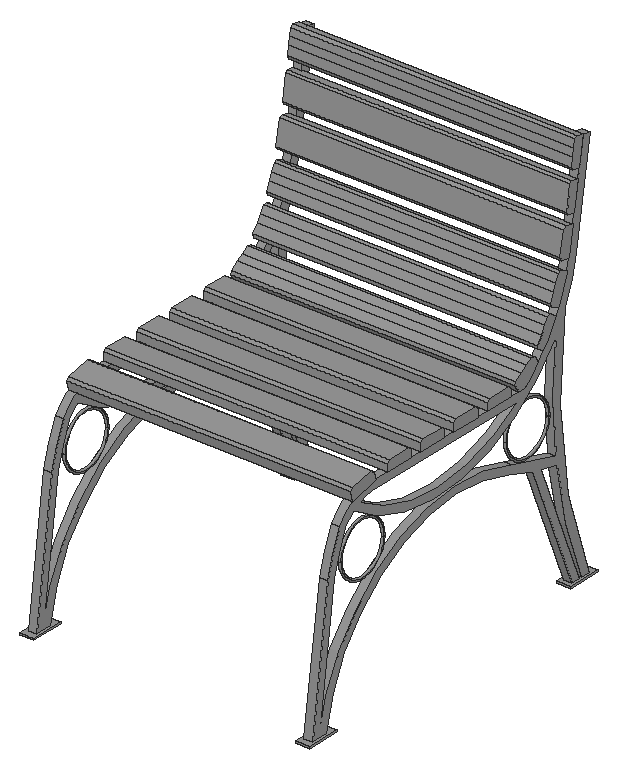
Revit family "Скамейка стальная «Бульвар» без подлокотников Арт 7049", category Антураж, Revit 2018
Family settings
  На основе рабочей плоскости = Нет
  Всегда вертикально = Да
  При загрузке вырезать с полостями = Нет
  Источник визуального образа = Геометрия семейства
  Общий = Нет
  Точка расчета площади = Нет
Parameters (values of type "Версия 0,6 м (кресло)")
  Ширина = 760 mm  # constant formula
  Цвет опоры = Сталь
  Цвет лавки = Дерево
  Средняя опора = or([Версия 2,0 м (3 опоры)], [Версия 3,0 м (3 опоры)])  # no
  Описание = if([Версия 0,6 м (кресло)], "Скамейка стальная «Бульвар» без подлокотников. Версия 0,6 м Кресло", if([Версия 1,2 м], "Скамейка стальная «Бульвар» без подлокотников. Версия 1,2 м", if([Версия 1,5 м], "Скамейка стальная «Бульвар» без подлокотников. Версия 1,5 м", if([Версия 1,8 м], "Скамейка стальная «Бульвар» без подлокотников. Версия 1,8 м", if([Версия 2,0 м], "Скамейка стальная «Бульвар» без подлокотников. Версия 2,0 м", if([Версия 2,0 м (3 опоры)], "Скамейка стальная «Бульвар» без подлокотников. Версия 2,0 м (3 опоры)", "Скамейка стальная «Бульвар» без подлокотников. Версия 3,0 м (3 опоры)"))))))  # "Скамейка стальная «Бульвар» без подлокотников. Версия 0,6 м Кресло"
  Материал изделия = "Сталь, дерево"  # constant formula
  Изображение типоразмера = Скамейка стальная «Бульвар» без подлокотников Арт 7049 кресло.jpg
  Изготовитель = "ООО «Хоббика»"  # constant formula
  Длина = if([Версия 0,6 м (кресло)], 600 mm, if([Версия 1,2 м], 1200 mm, if([Версия 1,5 м], 1500 mm, if([Версия 1,8 м], 1800 mm, if(or([Версия 2,0 м], [Версия 2,0 м (3 опоры)]), 2000 mm, 3000 mm)))))  # 600 mm
  Группа модели = "Садовые скамейки"  # constant formula
  Высота = 840 mm  # constant formula
  Версия 3,0 м (3 опоры) = no
  Версия 2,0 м (3 опоры) = no
  Версия 2,0 м = no
  Версия 1,8 м = no
  Версия 1,5 м = no
  Версия 1,2 м = no
  Версия 0,6 м (кресло) = yes
  Артикул товара = "Арт. 7049"  # constant formula
  URL = "https://hobbyka.ru/product/skameika_bulvar_bez_podlokotnikov/"
Types (8, lengths in mm): name | Средняя опора | Описание | Изображение типоразмера | Длина | Версия 3,0 м (3 опоры) | Версия 2,0 м (3 опоры) | Версия 2,0 м | Версия 1,8 м | Версия 1,5 м | Версия 1,2 м | Версия 0,6 м (кресло)
  (no name) | no | "Скамейка стальная «Бульвар» без подлокотников. Версия 0,6 м Кресло" | Скамейка стальная «Бульвар» без подлокотников Арт 7049 кресло.jpg | 600 | no | no | no | no | no | no | yes
  Версия 0,6 м (кресло) | no | "Скамейка стальная «Бульвар» без подлокотников. Версия 0,6 м Кресло" | Скамейка стальная «Бульвар» без подлокотников Арт 7049 кресло.jpg | 600 | no | no | no | no | no | no | yes
  Версия 1,2 м | no | "Скамейка стальная «Бульвар» без подлокотников. Версия 1,2 м" | Скамейка стальная «Бульвар» без подлокотников Арт 7049 2 опоры.jpg | 1200 | no | no | no | no | no | yes | no
  Версия 1,5 м | no | "Скамейка стальная «Бульвар» без подлокотников. Версия 1,5 м" | Скамейка стальная «Бульвар» без подлокотников Арт 7049 2 опоры.jpg | 1500 | no | no | no | no | yes | no | no
  Версия 1,8 м | no | "Скамейка стальная «Бульвар» без подлокотников. Версия 1,8 м" | Скамейка стальная «Бульвар» без подлокотников Арт 7049 2 опоры.jpg | 1800 | no | no | no | yes | no | no | no
  Версия 2,0 м | no | "Скамейка стальная «Бульвар» без подлокотников. Версия 2,0 м" | Скамейка стальная «Бульвар» без подлокотников Арт 7049 2 опоры.jpg | 2000 | no | no | yes | no | no | no | no
  Версия 2,0 м (3 опоры) | yes | "Скамейка стальная «Бульвар» без подлокотников. Версия 2,0 м (3 опоры)" | Скамейка стальная «Бульвар» без подлокотников Арт 7049 3 опоры.jpg | 2000 | no | yes | no | no | no | no | no
  Версия 3,0 м (3 опоры) | yes | "Скамейка стальная «Бульвар» без подлокотников. Версия 3,0 м (3 опоры)" | Скамейка стальная «Бульвар» без подлокотников Арт 7049 3 опоры.jpg | 3000 | yes | no | no | no | no | no | no
Reference planes
  plane 1 "По центру (Вперед/Назад)": y = 0
  plane 2: z = 0
  plane 3 "По центру (Влево/Вправо)": x = 0
  plane 4: x = 600
  plane 5: y = 760
  plane 6: x = 300
  plane 7: z = 840
Forms (mm)
  Extrusion 1, solid, material "Дерево" <- "Цвет лавки"
    sketch origin (0, 0, 0) x (0, 1, 0) y (0, 0, 1)
      loop
        line (708.134, 839.844) -> (705.369, 824.841) -> (702.446, 808.976) -> (698.92, 789.836) -> (702.999, 783.914) -> (719.196, 780.93) -> (729.459, 841.085) -> (714.056, 843.923) -> (708.134, 839.844)
      loop
        line (715.945, 761.879) -> (699.642, 764.648) -> (693.777, 760.486) -> (685.262, 710.355) -> (689.424, 704.491) -> (705.683, 701.729) -> (715.945, 761.879)
      loop
        line (702.273, 681.746) -> (685.201, 685.294) -> (679.188, 681.35) -> (668.842, 631.565) -> (672.786, 625.552) -> (692.004, 621.558) -> (702.273, 681.746)
      loop
        line (675.675, 568.12) -> (685.479, 596.871) -> (686.089, 599.321) -> (671.537, 605.966) -> (664.799, 603.452) -> (658.463, 589.575) -> (651.763, 574.9) -> (643.68, 557.196) -> (646.194, 550.458) -> (664.302, 542.191) -> (675.675, 568.12)
      loop
        line (632.243, 488.255) -> (648.961, 513.617) -> (656.638, 527.733) -> (644.215, 536.251) -> (637.146, 534.934) -> (628.518, 522.352) -> (619.395, 509.048) -> (608.389, 492.997) -> (609.707, 485.928) -> (623.144, 476.713) -> (632.243, 488.255)
      loop
        line (583.141, 433.619) -> (592.681, 442.222) -> (610.137, 460.873) -> (600.876, 475.264) -> (593.848, 476.789) -> (581.02, 468.534) -> (567.453, 459.805) -> (551.087, 449.273) -> (549.563, 442.246) -> (559.748, 426.418) -> (571.95, 426.418) -> (583.141, 433.619)
      loop
        line (537.687, 426.404) -> (537.698, 442.768) -> (532.617, 447.856) -> (481.768, 447.891) -> (476.68, 442.81) -> (476.668, 426.404) -> (537.687, 426.404)
      loop
        line (450.205, 426.404) -> (450.216, 442.768) -> (445.135, 447.856) -> (394.286, 447.891) -> (389.198, 442.81) -> (389.186, 426.404) -> (450.205, 426.404)
      loop
        line (362.723, 426.404) -> (362.734, 442.768) -> (357.653, 447.856) -> (306.804, 447.891) -> (301.716, 442.81) -> (301.704, 426.404) -> (362.723, 426.404)
      loop
        line (275.241, 426.404) -> (275.252, 442.768) -> (270.171, 447.856) -> (219.322, 447.891) -> (214.234, 442.81) -> (214.222, 426.404) -> (275.241, 426.404)
      loop
        line (180.605, 426.405) -> (176.845, 443.982) -> (170.809, 447.891) -> (121.085, 437.255) -> (117.176, 431.219) -> (121.34, 411.752) -> (180.605, 426.405)
    from 0 to 600
Dimensions and locks
  "Ширина": plane 5 to plane 1 "По центру (Вперед/Назад)"
  "Длина": plane 3 "По центру (Влево/Вправо)" to plane 4
  equal spacing: plane 3 "По центру (Влево/Вправо)", plane 6, plane 4
  "Высота": plane 7 to level
  aligned and locked: level to plane 2
  aligned and locked: nested 1 to plane 3 "По центру (Влево/Вправо)"
  aligned and locked: plane 4 to nested 3
  aligned and locked: nested 2 to plane 6
  aligned and locked: Extrusion 1 to plane 3 "По центру (Влево/Вправо)"
  aligned and locked: plane 4 to Extrusion 1
Automatic sketch dimensions
  Extrusion 1 sketch curve to plane 1 "По центру (Вперед/Назад)" = 117.176 mm
  Extrusion 1 sketch curve to Extrusion 1 sketch curve = 6.036 mm  (x2)
  Extrusion 1 sketch curve to Extrusion 1 sketch curve = 5.081 mm  (x8)
  Extrusion 1 sketch curve to Extrusion 1 sketch curve = 5.088 mm  (x5)
  Extrusion 1 sketch curve to Extrusion 1 sketch curve = 26.463 mm  (x3)
  Extrusion 1 sketch curve to Extrusion 1 sketch curve = 11.864 mm
  Extrusion 1 sketch curve to Extrusion 1 sketch curve = 1.525 mm  (x2)
  Extrusion 1 sketch curve to Extrusion 1 sketch curve = 10.185 mm
  Extrusion 1 sketch curve to Extrusion 1 sketch curve = 16.366 mm
  Extrusion 1 sketch curve to Extrusion 1 sketch curve = 12.202 mm
  Extrusion 1 sketch curve to Extrusion 1 sketch curve = 13.566 mm
  Extrusion 1 sketch curve to Extrusion 1 sketch curve = 11.191 mm
  Extrusion 1 sketch curve to Extrusion 1 sketch curve = 9.54 mm
  Extrusion 1 sketch curve to Extrusion 1 sketch curve = 12.829 mm
  Extrusion 1 sketch curve to Extrusion 1 sketch curve = 7.028 mm  (x2)
  Extrusion 1 sketch curve to Extrusion 1 sketch curve = 7.513 mm
  Extrusion 1 sketch curve to Extrusion 1 sketch curve = 1.318 mm  (x2)
  Extrusion 1 sketch curve to Extrusion 1 sketch curve = 9.261 mm
  Extrusion 1 sketch curve to Extrusion 1 sketch curve = 11.006 mm
  Extrusion 1 sketch curve to Extrusion 1 sketch curve = 13.437 mm
  Extrusion 1 sketch curve to Extrusion 1 sketch curve = 9.123 mm
  Extrusion 1 sketch curve to Extrusion 1 sketch curve = 9.099 mm
  Extrusion 1 sketch curve to Extrusion 1 sketch curve = 8.627 mm
  Extrusion 1 sketch curve to Extrusion 1 sketch curve = 6.535 mm
  Extrusion 1 sketch curve to Extrusion 1 sketch curve = 7.069 mm  (x2)
  Extrusion 1 sketch curve to Extrusion 1 sketch curve = 2.514 mm  (x2)
  Extrusion 1 sketch curve to Extrusion 1 sketch curve = 20.443 mm
  Extrusion 1 sketch curve to Extrusion 1 sketch curve = 8.083 mm
  Extrusion 1 sketch curve to Extrusion 1 sketch curve = 12.423 mm
  Extrusion 1 sketch curve to Extrusion 1 sketch curve = 6.7 mm
  Extrusion 1 sketch curve to Extrusion 1 sketch curve = 7.664 mm
  Extrusion 1 sketch curve to Extrusion 1 sketch curve = 6.336 mm
  Extrusion 1 sketch curve to Extrusion 1 sketch curve = 6.737 mm  (x2)
  Extrusion 1 sketch curve to Extrusion 1 sketch curve = 1.249 mm
  Extrusion 1 sketch curve to Extrusion 1 sketch curve = 23.912 mm
  Extrusion 1 sketch curve to Extrusion 1 sketch curve = 6.402 mm
  Extrusion 1 sketch curve to Extrusion 1 sketch curve = 6.013 mm  (x2)
  Extrusion 1 sketch curve to Extrusion 1 sketch curve = 13.943 mm
  Extrusion 1 sketch curve to Extrusion 1 sketch curve = 0.61 mm
  Extrusion 1 sketch curve to Extrusion 1 sketch curve = 4.223 mm
  Extrusion 1 sketch curve to Extrusion 1 sketch curve = 4.353 mm
  Extrusion 1 sketch curve to Extrusion 1 sketch curve = 5.143 mm
  Extrusion 1 sketch curve to Extrusion 1 sketch curve = 5.865 mm  (x2)
  Extrusion 1 sketch curve to Extrusion 1 sketch curve = 17.072 mm
  Extrusion 1 sketch curve to Extrusion 1 sketch curve = 3.526 mm
  Extrusion 1 sketch curve to Extrusion 1 sketch curve = 4.079 mm  (x2)
  Extrusion 1 sketch curve to Extrusion 1 sketch curve = 2.923 mm
  Extrusion 1 sketch curve to Extrusion 1 sketch curve = 16.259 mm
  Extrusion 1 sketch curve to Extrusion 1 sketch curve = 2.764 mm
  Extrusion 1 sketch curve to Extrusion 1 sketch curve = 5.922 mm  (x2)
  Extrusion 1 sketch curve to Extrusion 1 sketch curve = 16.304 mm
  Extrusion 1 sketch curve to Extrusion 1 sketch curve = 16.197 mm
  Extrusion 1 sketch curve to Extrusion 1 sketch curve = 15.404 mm
  level to Extrusion 1 sketch curve = 426.418 mm
  Extrusion 1 sketch curve to Extrusion 1 sketch curve = 0 mm  (x3)
  Extrusion 1 sketch curve to Extrusion 1 sketch curve = 7.201 mm
  Extrusion 1 sketch curve to Extrusion 1 sketch curve = 8.602 mm
  Extrusion 1 sketch curve to Extrusion 1 sketch curve = 15.828 mm
  Extrusion 1 sketch curve to Extrusion 1 sketch curve = 0.522 mm  (x2)
  Extrusion 1 sketch curve to Extrusion 1 sketch curve = 0.042 mm  (x4)
  Extrusion 1 sketch curve to Extrusion 1 sketch curve = 1.173 mm
  Extrusion 1 sketch curve to Extrusion 1 sketch curve = 3.909 mm  (x2)
  Extrusion 1 sketch curve to Extrusion 1 sketch curve = 10.531 mm
  Extrusion 1 sketch curve to Extrusion 1 sketch curve = 18.651 mm
  Extrusion 1 sketch curve to Extrusion 1 sketch curve = 8.73 mm
  Extrusion 1 sketch curve to Extrusion 1 sketch curve = 14.392 mm
  Extrusion 1 sketch curve to Extrusion 1 sketch curve = 15.841 mm
  Extrusion 1 sketch curve to Extrusion 1 sketch curve = 10.663 mm
  Extrusion 1 sketch curve to Extrusion 1 sketch curve = 11.542 mm
  Extrusion 1 sketch curve to Extrusion 1 sketch curve = 16.05 mm
  Extrusion 1 sketch curve to Extrusion 1 sketch curve = 4.569 mm
  Extrusion 1 sketch curve to Extrusion 1 sketch curve = 13.305 mm
  Extrusion 1 sketch curve to Extrusion 1 sketch curve = 14.116 mm
  Extrusion 1 sketch curve to Extrusion 1 sketch curve = 12.581 mm
  Extrusion 1 sketch curve to Extrusion 1 sketch curve = 14.458 mm
  Extrusion 1 sketch curve to Extrusion 1 sketch curve = 14.207 mm
  Extrusion 1 sketch curve to Extrusion 1 sketch curve = 25.929 mm
  Extrusion 1 sketch curve to Extrusion 1 sketch curve = 17.704 mm
  Extrusion 1 sketch curve to Extrusion 1 sketch curve = 14.675 mm
  Extrusion 1 sketch curve to Extrusion 1 sketch curve = 7.296 mm
  Extrusion 1 sketch curve to Extrusion 1 sketch curve = 2.45 mm
  Extrusion 1 sketch curve to Extrusion 1 sketch curve = 13.877 mm
  Extrusion 1 sketch curve to Extrusion 1 sketch curve = 19.586 mm
  Extrusion 1 sketch curve to Extrusion 1 sketch curve = 0.396 mm
  Extrusion 1 sketch curve to Extrusion 1 sketch curve = 3.944 mm  (x2)
  Extrusion 1 sketch curve to Extrusion 1 sketch curve = 19.983 mm
  Extrusion 1 sketch curve to Extrusion 1 sketch curve = 2.762 mm
  Extrusion 1 sketch curve to Extrusion 1 sketch curve = 1.392 mm
  Extrusion 1 sketch curve to Extrusion 1 sketch curve = 4.162 mm  (x2)
  Extrusion 1 sketch curve to Extrusion 1 sketch curve = 19.051 mm
  Extrusion 1 sketch curve to Extrusion 1 sketch curve = 2.984 mm
  Extrusion 1 sketch curve to Extrusion 1 sketch curve = 19.14 mm
  Extrusion 1 sketch curve to Extrusion 1 sketch curve = 15.865 mm
  Extrusion 1 sketch curve to Extrusion 1 sketch curve = 15.003 mm
  Extrusion 1 sketch curve to Extrusion 1 sketch curve = 1.241 mm
  Extrusion 1 sketch curve to Extrusion 1 sketch curve = 4.164 mm
  Extrusion 1 sketch curve to Extrusion 1 sketch curve = 49.724 mm
  Extrusion 1 sketch curve to Extrusion 1 sketch curve = 37.377 mm
  Extrusion 1 sketch curve to Extrusion 1 sketch curve = 33.617 mm
  Extrusion 1 sketch curve to Extrusion 1 sketch curve = 0.011 mm  (x8)
  Extrusion 1 sketch curve to Extrusion 1 sketch curve = 50.849 mm  (x4)
  Extrusion 1 sketch curve to Extrusion 1 sketch curve = 19.218 mm
  Extrusion 1 sketch curve to Extrusion 1 sketch curve = 16.363 mm  (x3)
  Extrusion 1 sketch curve to Extrusion 1 sketch curve = 17.578 mm
  Extrusion 1 sketch curve to Extrusion 1 sketch curve = 19.467 mm
  Extrusion 1 sketch curve to Extrusion 1 sketch curve = 10.636 mm
  Extrusion 1 sketch curve to Extrusion 1 sketch curve = 0.035 mm  (x4)
  Extrusion 1 sketch curve to Extrusion 1 sketch curve = 3.994 mm
  Extrusion 1 sketch curve to Extrusion 1 sketch curve = 49.785 mm
  Extrusion 1 sketch curve to Extrusion 1 sketch curve = 50.131 mm
Nested families
  nested 1: "Скамейка стальная «Бульвар» без подлокотников Арт 7049 опоры" at (8.5, 0, 0), type "Скамейка стальная «Бульвар» без подлокотников Арт 7049 опоры"
  nested 2: "Скамейка стальная «Бульвар» без подлокотников Арт 7049 опоры" at (300, 0, 0), visible <- "Средняя опора", type "Скамейка стальная «Бульвар» без подлокотников Арт 7049 опоры"
  nested 3: "Скамейка стальная «Бульвар» без подлокотников Арт 7049 опоры" at (591.5, 0, 0), type "Скамейка стальная «Бульвар» без подлокотников Арт 7049 опоры"
Definition of nested family "Скамейка стальная «Бульвар» без подлокотников Арт 7049 опоры"
  Parameters (values of type "Скамейка стальная «Бульвар» без подлокотников Арт 7049 опоры")
    Цвет опоры = none
    Height = 0 mm
  Reference planes
    plane 1 "По центру (Вперед/Назад)": y = 0
    plane 2: z = 0
    plane 3 "По центру (Влево/Вправо)": x = 0
  Forms (mm)
    Extrusion 1, solid, material <- "Цвет опоры"
      sketch origin (0, 0, 0) x (0, 1, 0) y (0, 0, 1)
        loop
          arc (680.431, 535.406) -> (698.637, 577.964) -> (709.972, 622.843) r 295.487
          line (709.972, 622.843) -> (746.499, 836.918) -> (727.973, 840) -> (691.641, 621.633)
          arc (691.641, 621.633) -> (673.645, 557.285) -> (642.296, 498.278) r 310.433
          arc (642.296, 498.278) -> (612.559, 460.193) -> (578.019, 426.404) r 362.281
          line (578.019, 426.404) -> (175.292, 426.404)
          arc (175.292, 426.404) -> (124.669, 413.823) -> (85.854, 378.976) r 107.963
          arc (85.854, 378.976) -> (67.213, 335.714) -> (54.055, 290.481) r 380.82
          arc (54.055, 290.481) -> (28.179, 147.713) -> (14.342, 3.281) r 1732.212
          line (14.342, 3.281) -> (31.367, 3.281)
          arc (31.367, 3.281) -> (45.082, 145.837) -> (70.641, 286.752) r 1715.212
          arc (70.641, 286.752) -> (83.024, 329.442) -> (100.52, 370.304) r 363.82
          arc (100.52, 370.304) -> (110.608, 382.439) -> (122.641, 392.648) r 90.963
          arc (122.641, 392.648) -> (409.715, 328.415) -> (656.363, 488.732) r 379.281
          arc (656.363, 488.732) -> (649.574, 375.902) -> (656.321, 263.069) r 943.931
          arc (656.321, 263.069) -> (597.307, 277.294) -> (539.843, 296.864) r 662.051
          arc (539.843, 296.864) -> (215.325, 272.42) -> (32.367, 3.281) r 374.645
          line (32.367, 3.281) -> (49.564, 3.281)
          arc (49.564, 3.281) -> (224.935, 258.337) -> (533.631, 281.039) r 357.645
          arc (533.631, 281.039) -> (565.027, 269.597) -> (596.948, 259.712) r 679.051
          line (596.948, 259.712) -> (698.763, 3.281) -> (717.054, 3.281) -> (617.4, 254.27)
          arc (617.4, 254.27) -> (637.942, 249.482) -> (658.623, 245.335) r 679.051
          arc (658.623, 245.335) -> (684.3, 122.05) -> (726.158, 3.281) r 943.931
          line (726.158, 3.281) -> (744.691, 3.281)
          arc (744.691, 3.281) -> (673.26, 264.597) -> (680.431, 535.406) r 926.931
        loop
          arc (175.288, 409.404) -> (156.809, 407.516) -> (139.099, 401.912) r 90.963
          arc (139.099, 401.912) -> (349.015, 339.472) -> (556.556, 409.404) r 362.281
          line (556.556, 409.404) -> (175.288, 409.404)
      from -8.5 to 8.5
    Sweep 2, solid, material <- "Цвет опоры"
      path origin (0, 0, 0) x (0, 1, 0) y (0, 0, 1)
        loop
          circle (590.665, 342.112) r 58.96
      profile origin (0, 590.665, 283.151) x (0, 0, 1) y (1, 0, 0)
        loop
          circle (2.5, 0) r 2.5
    Sweep 3, solid, material <- "Цвет опоры"
      path origin (0, 0, 0) x (0, 1, 0) y (0, 0, 1)
        loop
          circle (154.747, 306.187) r 58.96
      profile origin (0, 154.747, 247.226) x (0, 0, 1) y (1, 0, 0)
        loop
          circle (2.5, 0) r 2.5
    Extrusion 4, solid, material <- "Цвет опоры"
      sketch origin (0, 0, 0) x (0, 1, 0) y (0, 0, 1)
        loop
          line (760, 3.281) -> (688.921, 3.281) -> (688.921, 0) -> (760, 0) -> (760, 3.281)
        loop
          line (0, 3.281) -> (0, 0) -> (71.079, 0) -> (71.079, 3.281) -> (0, 3.281)
      from -15 to 15
  Dimensions and locks
    aligned and locked: level to plane 2
